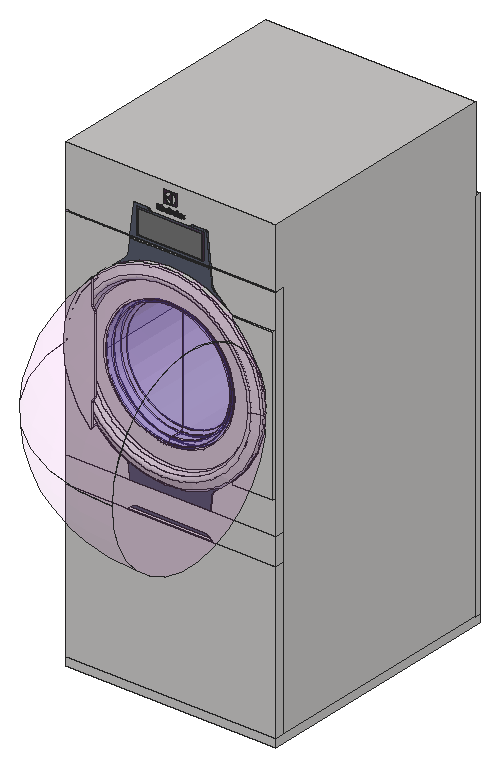
Revit family "TD6-14 IS", category Specialty Equipment, Revit 2014
Parameters
  Show Logo [instance] = yes
  Show Clearance [instance] = yes
  Manufacturer = ""
  Model = ""
  Description = ""
Reference planes
  plane 1 "Center X": y = 53.8
  plane 2: z = 0
  plane 3 "Centro (Sinistra/Destra)": x = -499
  plane 4 "BACK": y = 414.5
  plane 5 "FRONT": y = -688.5
  plane 6 "LEFT": x = -799
  plane 7 "RIGHT": x = -6
  plane 8 "TOP": z = 1771
  plane 9: z = 544
Forms (mm)
  Extrusion 1, solid, material "QF_Finishes_Stainless Steel"
    sketch origin (718.1, -537.1, 598.796) x (0, 0, -1) y (0, 1, 0)
      loop
        line (568.796, 792.6) -> (-941.204, 792.6) -> (-941.204, -115.453) -> (568.796, -115.453) -> (568.796, 792.6)
    from -1517.1 to -724.1
  Extrusion 2, solid, material "QF_Finishes_Stainless Steel"
    sketch origin (718.1, -507.1, 598.796) x (0, 0, -1) y (0, 1, 0)
      loop
        line (568.796, 762.6) -> (568.796, 782.6) -> (-855.66, 782.6) -> (-855.66, 762.6) -> (568.796, 762.6)
    from -1517.1 to -724.1
  Sweep 3, solid, material "QF_Finishes_Black"
    path origin (686.327, -688.5, 1684.42) x (0, 0, -1) y (1, 0, 0)
      loop
        line (131.445, -962.809) -> (32.707, -962.809) -> (32.707, -1214.809) -> (131.445, -1214.809) -> (131.445, -962.809)
    profile origin (-276.482, -688.5, 1602.344) x (-1, 0, 0) y (0, -1, 0)
      loop
        line (5, 0) -> (5, 5)
        arc (5, 5) -> (1.464, 3.536) -> (0, 0) r 5
        line (0, 0) -> (5, 0)
  Extrusion 4, solid, material "QF_Finishes_Dark Grey"
    sketch origin (686.327, -688.5, 1684.42) x (0, 0, -1) y (1, 0, 0)
      loop
        line (126.445, -1209.809) -> (126.445, -967.809) -> (37.707, -967.809) -> (37.707, -1209.809) -> (126.445, -1209.809)
    from 0 to 4
  Extrusion 5, void
    sketch origin (889, -656.06, 1195.994) x (0, 0, -1) y (1, 0, 0)
      loop
        circle (69.994, -1291.5) r 245
    from -451.9 to 33.109
  Extrusion 6, solid, material "QF_Finishes_Stainless Steel"
    sketch origin (781.278, 255.5, 481.915) x (0, 0, 1) y (1, 0, 0)
      loop
        circle (1014.767, -897.278) r 15.184
    from 0 to 5.231
  Extrusion 7, solid, material "QF_Finishes_Stainless Steel"
    sketch origin (566.247, 275.5, 288.974) x (0, 0, 1) y (1, 0, 0)
      loop
        circle (-49.018, -1190.455) r 100
    from 0 to 5
  Extrusion 8, solid, material "QF_Finishes_Stainless Steel"
    sketch origin (-499, -139, 0) x (0, 1, 0) y (0, 0, 1)
      loop
        line (394.5, 1540) -> (394.5, 1771) -> (-549.5, 1771) -> (-549.5, 1541.816)
        arc (-549.5, 1541.816) -> (-548.968, 1540.532) -> (-547.684, 1540) r 1.816
        line (-547.684, 1540) -> (394.5, 1540)
    from -300 to 493
  Extrusion 9, solid, material "QF_Finishes_Stainless Steel"
    sketch origin (0, -139, 1114.3) x (-1, 0, 0) y (0, -1, 0)
      loop
        line (799, -414.5) -> (799, 549.5) -> (6, 549.5) -> (6, -414.5) -> (799, -414.5)
    from -1114.3 to -1084.3
  Extrusion 10, solid, material "QF_Finishes_Stainless Steel"
    sketch origin (-499, -257.96, 0) x (0, 1, 0) y (0, 0, 1)
      loop
        line (-394.593, 1540) -> (-430.54, 1540) -> (-430.54, 713.5) -> (-394.593, 713.5) -> (-394.593, 1540)
    from -300 to 493
  Extrusion 11, solid, material "QF_Finishes_Stainless Steel"
    sketch origin (-499, -257.96, 0) x (0, 1, 0) y (0, 0, 1)
      loop
        line (-430.54, 713.5) -> (-430.54, 613.5) -> (-394.593, 613.5) -> (-394.593, 713.5) -> (-430.54, 713.5)
    from -300 to 493
  Extrusion 12, solid, material "QF_Finishes_Stainless Steel"
    sketch origin (-499, -257.96, 0) x (0, 1, 0) y (0, 0, 1)
      loop
        line (-394.593, 613.5) -> (-430.54, 613.5) -> (-430.54, 30) -> (-394.593, 30) -> (-394.593, 613.5)
    from -300 to 493
  Sweep 13, solid, material "QF_Finishes_Stainless Steel"
    path origin (-409, -688.5, 1444.576) x (0, 0, -1) y (1, 0, 0)
      loop
        circle (318.576, 6.5) r 366.295
    profile origin (-402.5, -688.5, 1492.295) x (0, 0, -1) y (0, -1, 0)
      loop
        line (0, 0) -> (60.401, 0)
        arc (60.401, 0) -> (59.825, 6.814) -> (57.535, 13.257) r 26.651
        line (57.535, 13.257) -> (49.537, 28.994)
        arc (49.537, 28.994) -> (42.511, 35.32) -> (33.058, 35.302) r 13.156
        line (33.058, 35.302) -> (4.309, 24.168)
        arc (4.309, 24.168) -> (1.18, 21.691) -> (0, 17.88) r 6.744
        line (0, 17.88) -> (0, 0)
  Extrusion 14, solid, material "QF_Finishes_Stainless Steel"
    sketch origin (889, -828.525, 1195.994) x (0, 0, -1) y (1, 0, 0)
      loop
        line (353.669, -897.598) -> (-212.997, -897.549) -> (-213.01, -1046.361)
        arc (-213.01, -1046.361) -> (-212.131, -1048.481) -> (-210.011, -1049.36) r 2.999
        line (-210.011, -1049.36) -> (-204.852, -1049.36)
        arc (-204.852, -1049.36) -> (-80.8, -957.683) -> (69.994, -925.205) r 366.295
        arc (69.994, -925.205) -> (220.927, -957.746) -> (345.042, -1049.589) r 366.295
        line (345.042, -1049.589) -> (350.683, -1049.589)
        arc (350.683, -1049.589) -> (352.804, -1048.711) -> (353.682, -1046.59) r 2.999
        line (353.682, -1046.59) -> (353.669, -897.598)
    from -140.025 to -130.025
  Revolve 15, solid, material "QF_Door-Drawer Clearances", visible <- "Show Clearance"
    sketch origin (889, -688.5, 1195.994) x (0, 0, -1) y (1, 0, 0)
      loop
        circle (69.994, -1291.5) r 366.295
      axis (69.994, -924.023) -> (68.994, -924.023)
    angle from 0 to -90
  Revolve 16, solid, material "QF_Finishes_Glass"
    sketch origin (-409, -428.313, 555.02) x (0, 1, 0) y (0, 0, 1)
      loop
        arc (-190.673, 783.338) -> (-195.066, 793.945) -> (-205.673, 798.338) r 15
        line (-205.673, 798.338) -> (-244.95, 798.338)
        arc (-244.95, 798.338) -> (-252.021, 801.267) -> (-254.95, 808.338) r 10
        line (-254.95, 808.338) -> (-254.95, 816.338) -> (-259.95, 816.338) -> (-259.95, 808.338)
        arc (-259.95, 808.338) -> (-255.556, 797.732) -> (-244.95, 793.338) r 15
        line (-244.95, 793.338) -> (-205.673, 793.338)
        arc (-205.673, 793.338) -> (-198.602, 790.409) -> (-195.673, 783.338) r 10
        line (-195.673, 783.338) -> (-195.673, 570.975) -> (-190.673, 570.975) -> (-190.673, 783.338)
      axis (-259.95, 570.975) -> (-190.673, 570.975)
    angle from 0 to 360
  Extrusion 17, solid, material "QF_Finishes_Stainless Steel"
    sketch origin (-529, -688.5, 1444.576) x (0, 0, -1) y (1, 0, 0)
      loop
        arc (176.622, -119.08) -> (174.216, -119.45) -> (172.033, -120.527) r 8
        line (172.033, -120.527) -> (158.099, -130.284)
        arc (158.099, -130.284) -> (155.934, -131.338) -> (153.554, -131.7) r 8
        line (153.554, -131.7) -> (65.736, -131.7)
        arc (65.736, -131.7) -> (63.285, -133.352) -> (63.896, -136.244) r 2.645
        arc (63.896, -136.244) -> (318.617, -239.419) -> (573.315, -136.187) r 365.919
        arc (573.315, -136.187) -> (573.918, -133.331) -> (571.497, -131.7) r 2.612
        line (571.497, -131.7) -> (483.599, -131.7)
        arc (483.599, -131.7) -> (481.193, -131.33) -> (479.01, -130.253) r 8
        line (479.01, -130.253) -> (465.119, -120.527)
        arc (465.119, -120.527) -> (462.936, -119.45) -> (460.53, -119.08) r 8
        line (460.53, -119.08) -> (176.622, -119.08)
    from 44.672 to 48.96
  Extrusion 18, solid, material "QF_Finishes_Stainless Steel"
    sketch origin (-529, -737.46, 1444.576) x (0, 0, -1) y (1, 0, 0)
      loop
        arc (63.896, -136.244) -> (318.617, -239.419) -> (573.315, -136.187) r 365.919
        line (573.315, -136.187) -> (563.547, -131.7)
        arc (563.547, -131.7) -> (318.584, -229.419) -> (73.616, -131.711) r 355.919
        line (73.616, -131.711) -> (63.896, -136.244)
    from -4.287 to -26.937
  Extrusion 19, void
    sketch origin (-401.334, -688.5, 611.842) x (0, 0, 1) y (1, 0, 0)
      loop
        arc (1.908, -169.725) -> (2.027, -168.962) -> (2.374, -168.272) r 2.499
        line (2.374, -168.272) -> (21.699, -140.672)
        arc (21.699, -140.672) -> (23.335, -137.382) -> (23.898, -133.751) r 11.994
        line (23.898, -133.751) -> (23.897, 130.467)
        arc (23.897, 130.467) -> (23.336, 134.095) -> (21.703, 137.383) r 11.994
        line (21.703, 137.383) -> (2.374, 164.988)
        arc (2.374, 164.988) -> (2.027, 165.678) -> (1.908, 166.441) r 2.499
        line (1.908, 166.441) -> (1.908, -169.725)
    from 0 to 13.427
  Extrusion 20, solid, material "QF_Finishes_Blue"
    sketch origin (-499, -688.5, 893.425) x (0, 0, 1) y (-1, 0, 0)
      loop
        arc (767.274, 37.584) -> (765.819, 41.099) -> (762.304, 42.555) r 4.971
        line (762.304, 42.555) -> (650.575, 54.795) -> (650.575, -247.832) -> (761.659, -235.663)
        arc (761.659, -235.663) -> (765.63, -234.018) -> (767.274, -230.047) r 5.615
        line (767.274, -230.047) -> (767.274, -186.505)
        arc (767.274, -186.505) -> (766.484, -180.953) -> (764.209, -175.828) r 20.351
        line (764.209, -175.828) -> (758.288, -166.304) -> (758.288, -222.518) -> (659.55, -222.518) -> (659.55, 29.482) -> (758.288, 29.482) -> (758.288, -26.732) -> (764.209, -17.208)
        arc (764.209, -17.208) -> (766.483, -12.086) -> (767.274, -6.538) r 20.35
        line (767.274, -6.538) -> (767.274, 37.584)
    from 0 to 1.6
  Extrusion 21, solid, material "QF_Finishes_Blue"
    sketch origin (-499, -688.5, 893.425) x (0, 0, 1) y (-1, 0, 0)
      loop
        arc (594.486, 60.933) -> (579.244, 65.533) -> (566.695, 75.331) r 43.3
        line (566.695, 75.331) -> (532.276, 114.098)
        arc (532.276, 114.098) -> (598.87, -96.026) -> (532.82, -306.322) r 366.295
        line (532.82, -306.322) -> (566.695, -268.167)
        arc (566.695, -268.167) -> (579.244, -258.37) -> (594.486, -253.77) r 43.3
        line (594.486, -253.77) -> (642.075, -248.6) -> (642.075, 55.764) -> (594.486, 60.933)
    from 0 to 1.6
  Extrusion 22, solid, material "QF_Finishes_Blue"
    sketch origin (-499, -688.5, 893.425) x (0, 0, 1) y (-1, 0, 0)
      loop
        line (-129.403, 60.926) -> (-176.925, 55.764) -> (-176.925, -248.6) -> (-129.403, -253.763)
        arc (-129.403, -253.763) -> (-114.123, -258.355) -> (-101.544, -268.169) r 43.3
        line (-101.544, -268.169) -> (-67.671, -306.321)
        arc (-67.671, -306.321) -> (-133.72, -96.026) -> (-67.127, 114.098) r 366.295
        line (-67.127, 114.098) -> (-101.544, 75.332)
        arc (-101.544, 75.332) -> (-114.123, 65.518) -> (-129.403, 60.926) r 43.3
    from 0 to 1.6
  Extrusion 23, solid, material "QF_Finishes_Stainless Steel"
    sketch origin (718.1, 275.5, 30) x (0, 0, 1) y (1, 0, 0)
      loop
        line (661.465, -1322.6) -> (1361.465, -1322.6) -> (1361.465, -918.6) -> (661.465, -918.6) -> (661.465, -1322.6)
    from 0 to 139
  Extrusion 24, solid, material "QF_Finishes_Stainless Steel"
    sketch origin (718.1, 414.5, 30) x (0, 0, 1) y (1, 0, 0)
      loop
        circle (1313.965, -1120.6) r 16.6
    from 0 to 5.2
  Extrusion 25, solid, material "QF_Finishes_Stainless Steel"
    sketch origin (718.1, 414.5, -575.6) x (0, 0, 1) y (1, 0, 0)
      loop
        circle (1313.965, -1120.6) r 16.6
    from 0 to 5.2
Cuts and joins
  Extrusion 5 cuts Extrusion 1
  Extrusion 5 cuts Extrusion 8
  joined: Extrusion 1, Extrusion 8
  Extrusion 5 cuts Extrusion 10
  Extrusion 19 cuts Extrusion 11
Lines and regions (mm)
  Split face 1
    outline origin (-6, -688.5, 1540) x (-1, 0, 0) y (0, 0, -1)
      loop
        circle (396.5, 414) r 305.895
  symbolic lines
    curve 1: line (-6, 275.5, 1771) -> (-799, 275.5, 1771)
    curve 2: line (-799, -688.5, 1771) -> (-6, -688.5, 1771)
    curve 3: line (-6, 275.5, 0) -> (-6, -688.5, 0)
    curve 4: line (-799, 275.5, 0) -> (-799, -688.5, 0)
    curve 7: line (-604.5, 275.5, 0) -> (-604.5, 414.5, 0)
    curve 8: line (-604.5, 414.5, 0) -> (-200.5, 414.5, 0)
    curve 9: line (-200.5, 414.5, 0) -> (-200.5, 275.5, 0)
  symbolic lines, style "QF_Door-Drawer Clearances"
    curve 5: line (-35.023, -1422.272, 0) -> (-35.023, -689.681, 0)
    curve 6: arc (-35.023, -1422.272, 0) -> (-553.879, -1207.355, 0) -> (-768.795, -688.5, 0) r 733.772
Dimensions and locks
  plane 6 "LEFT" to plane 3 "Centro (Sinistra/Destra)" to plane 7 "RIGHT" = 300 mm, 493 mm
  plane 6 "LEFT" to plane 7 "RIGHT" = 793 mm
  plane 4 "BACK" to plane 5 "FRONT" = 1103 mm  (x2)
  plane 4 "BACK" to plane 1 "Center X" to plane 5 "FRONT" = 360.7 mm, 742.3 mm
  plane 8 "TOP" to level = 1771 mm
  Extrusion 2 to Extrusion 2 = 1424.455 mm
  Extrusion 2 to Extrusion 7 sketch curve = 174.791 mm
  Extrusion 9 to Extrusion 7 sketch curve = 239.955 mm
  aligned and locked: level to plane 2
  aligned and locked: Extrusion 1 to plane 6 "LEFT"
  aligned and locked: plane 7 "RIGHT" to Extrusion 1
  aligned and locked: Extrusion 2 to plane 6 "LEFT"
  aligned and locked: plane 7 "RIGHT" to Extrusion 2
  aligned and locked: plane 7 "RIGHT" to Extrusion 8
  aligned and locked: Extrusion 8 to plane 6 "LEFT"
  aligned and locked: plane 7 "RIGHT" to Extrusion 12
  aligned and locked: Extrusion 12 to plane 6 "LEFT"
  aligned and locked: Extrusion 11 to plane 6 "LEFT"
  aligned and locked: plane 7 "RIGHT" to Extrusion 11
  aligned and locked: Extrusion 10 to plane 6 "LEFT"
  aligned and locked: plane 7 "RIGHT" to Extrusion 10
  aligned and locked: Extrusion 18 to Extrusion 17
Nested families
  nested 1: "ELX_Logo_S_New" at (-415.511, -688.5, 1674.59) x (1, 0, 0) z (0, -1, 0), type "ELX_Logo_S_New"
    with Material QF_Finishes_Black
  nested 2: "ELX_Logo_Symbol_S" at (-394.886, -688.5, 1729.274) x (-1, 0, 0) z (0, -1, 0), type "ELX_Logo_Symbol_S"
    with Material QF_Finishes_Black
Connectors
  piping at (-624.209, 280.5, 239.955), diameter 200
    settings: on Extrusion 7, index 3, connector inside diameter 609.6 mm, connector length 0 mm, flow factor 0, pipe flow 0.0 L/s, pressure drop 0.0 Pa, fitting loss kfactor 0, connector angle 0.00°, fixture units 0, engagement length 0 mm, angle of deflection 0.00°, flow configuration 1, flow direction 2, fitting loss method 0, system type 8, joint type 0, gender type 0, connector reference index -1, connector utility 0, adjustable connector no, is connector primary yes, connector description "Exhaust Connection"
  electrical at (-116, 260.731, 1496.682)
    settings: on Extrusion 6, index 4, voltage 0 V, apparent load 0 VA, apparent load phase1 0 VA, apparent load phase2 0 VA, apparent load phase3 0 VA, power factor 1, load classification "Other", number of poles 1, system type 30, power factor state 1, is connector primary yes, connector utility no, sub classification motor no, connector description "Electrical Connection"
  piping at (-402.5, 419.7, 1343.965), diameter 33.2
    settings: on Extrusion 24, index 5, connector inside diameter 609.6 mm, connector length 0 mm, flow factor 0, pipe flow 0.0 L/s, pressure drop 0.0 Pa, fitting loss kfactor 0, connector angle 0.00°, fixture units 0, engagement length 0 mm, angle of deflection 0.00°, flow configuration 1, flow direction 1, fitting loss method 0, system type 7, joint type 0, gender type 0, connector reference index -1, connector utility 0, adjustable connector no, is connector primary no, connector description "Steam Connection"
  piping at (-402.5, 419.7, 738.365), diameter 33.2
    settings: on Extrusion 25, index 6, connector inside diameter 609.6 mm, connector length 0 mm, flow factor 0, pipe flow 0.0 L/s, pressure drop 0.0 Pa, fitting loss kfactor 0, connector angle 0.00°, fixture units 0, engagement length 0 mm, angle of deflection 0.00°, flow configuration 1, flow direction 1, fitting loss method 0, system type 7, joint type 0, gender type 0, connector reference index -1, connector utility 0, adjustable connector no, is connector primary no, connector description "Condesate Connection"
Definition of nested family "ELX_Logo_S_New"
  Parameters (values of type "ELX_Logo_S_New")
    Material [instance] = QF_Finishes_Gray
    Default Elevation = 0 mm
  Reference planes
    plane 1 "Centro (Fronte/Retro)": y = 0
    plane 2: z = 0
    plane 3 "Centro (Sinistra/Destra)": x = 0
  Forms (mm)
    Extrusion 1, solid
      sketch origin (0, 0, 0) x (1, 0, 0) y (0, 1, 0)
        loop
          line (-1219.2, 1219.2) -> (-1219.2, -1219.2) -> (1219.2, -1219.2) -> (1219.2, 1219.2) -> (-1219.2, 1219.2)
      from 0 to -304.8
    Extrusion 2, solid, material "QF_Finishes_Gray" <- "Material"
      sketch origin (0, 0, 0) x (1, 0, 0) y (0, 1, 0)
        loop
          spline (-31.006, -2.781) -> (-31.24, -2.771) -> (-31.49, -2.739) -> (-31.748, -2.68) -> (-32.009, -2.591) -> (-32.264, -2.469) -> (-32.508, -2.308) -> (-32.732, -2.105) -> (-32.932, -1.857) -> (-33.099, -1.559) -> (-33.226, -1.207) -> (-33.308, -0.798) -> (-33.337, -0.327)
          line (-33.337, -0.327) -> (-33.337, 1.761) -> (-26.444, 1.761) -> (-26.444, 4.423) -> (-33.338, 4.423) -> (-33.338, 8.299) -> (-26.005, 8.299) -> (-26.005, 10.954) -> (-36.159, 10.954) -> (-36.159, -0.206)
          spline (-36.159, -0.206) -> (-36.134, -0.893) -> (-36.057, -1.54) -> (-35.927, -2.145) -> (-35.743, -2.707) -> (-35.503, -3.222) -> (-35.206, -3.689) -> (-34.85, -4.106) -> (-34.433, -4.47) -> (-33.955, -4.779) -> (-33.414, -5.031) -> (-32.809, -5.223) -> (-32.137, -5.354)
          line (-32.137, -5.354) -> (-31.029, -5.433) -> (-25.809, -5.433) -> (-25.809, -2.781) -> (-31.006, -2.781)
        loop
          line (-23.804, 3.211) -> (-23.804, -5.437) -> (-20.982, -5.437) -> (-20.982, 10.958) -> (-23.804, 10.958) -> (-23.804, 3.211)
        loop
          spline (-7.052, -0.2) -> (-7.034, 0.688) -> (-7.119, 1.546) -> (-7.304, 2.368) -> (-7.586, 3.144) -> (-7.962, 3.868) -> (-8.426, 4.531) -> (-8.977, 5.126) -> (-9.61, 5.644) -> (-10.321, 6.077) -> (-11.107, 6.419) -> (-11.964, 6.66) -> (-12.889, 6.793)
          spline (-12.889, 6.793) -> (-13.767, 6.742) -> (-14.602, 6.592) -> (-15.387, 6.346) -> (-16.116, 6.008) -> (-16.782, 5.583) -> (-17.379, 5.073) -> (-17.902, 4.483) -> (-18.343, 3.816) -> (-18.697, 3.077) -> (-18.958, 2.269) -> (-19.119, 1.395) -> (-19.174, 0.46)
          spline (-19.174, 0.46) -> (-19.121, -0.452) -> (-18.964, -1.304) -> (-18.71, -2.094) -> (-18.362, -2.816) -> (-17.926, -3.468) -> (-17.406, -4.045) -> (-16.808, -4.544) -> (-16.137, -4.96) -> (-15.397, -5.291) -> (-14.594, -5.532) -> (-13.733, -5.679) -> (-12.817, -5.729)
          spline (-12.817, -5.729) -> (-12.371, -5.719) -> (-11.93, -5.685) -> (-11.493, -5.626) -> (-11.062, -5.54) -> (-10.636, -5.425) -> (-10.216, -5.277) -> (-9.8, -5.096) -> (-9.391, -4.879) -> (-8.987, -4.623) -> (-8.588, -4.326) -> (-8.196, -3.987) -> (-7.809, -3.603)
          line (-7.809, -3.603) -> (-9.51, -1.949)
          spline (-9.51, -1.949) -> (-9.734, -2.164) -> (-9.959, -2.362) -> (-10.188, -2.542) -> (-10.422, -2.703) -> (-10.662, -2.846) -> (-10.913, -2.971) -> (-11.174, -3.077) -> (-11.449, -3.163) -> (-11.739, -3.231) -> (-12.047, -3.28) -> (-12.374, -3.309) -> (-12.723, -3.319)
          spline (-12.723, -3.319) -> (-13.234, -3.294) -> (-13.713, -3.219) -> (-14.158, -3.098) -> (-14.568, -2.931) -> (-14.94, -2.72) -> (-15.272, -2.469) -> (-15.562, -2.177) -> (-15.809, -1.849) -> (-16.009, -1.485) -> (-16.162, -1.088) -> (-16.264, -0.659) -> (-16.314, -0.2)
          line (-16.314, -0.2) -> (-7.052, -0.2)
        loop
          spline (-9.888, 1.784) -> (-9.915, 2.133) -> (-9.995, 2.469) -> (-10.124, 2.788) -> (-10.298, 3.088) -> (-10.514, 3.365) -> (-10.768, 3.615) -> (-11.056, 3.836) -> (-11.376, 4.024) -> (-11.722, 4.176) -> (-12.092, 4.289) -> (-12.482, 4.359) -> (-12.889, 4.383)
          spline (-12.889, 4.383) -> (-13.325, 4.36) -> (-13.744, 4.291) -> (-14.144, 4.18) -> (-14.52, 4.03) -> (-14.868, 3.844) -> (-15.186, 3.624) -> (-15.469, 3.375) -> (-15.715, 3.099) -> (-15.919, 2.798) -> (-16.077, 2.477) -> (-16.186, 2.138) -> (-16.243, 1.784)
          line (-16.243, 1.784) -> (-9.888, 1.784)
        loop
          spline (-2.737, 0.532) -> (-2.704, 1.057) -> (-2.61, 1.555) -> (-2.457, 2.022) -> (-2.249, 2.455) -> (-1.991, 2.851) -> (-1.685, 3.205) -> (-1.336, 3.514) -> (-0.948, 3.775) -> (-0.524, 3.984) -> (-0.067, 4.138) -> (0.417, 4.233) -> (0.926, 4.265)
          spline (0.926, 4.265) -> (1.238, 4.255) -> (1.537, 4.226) -> (1.824, 4.178) -> (2.098, 4.112) -> (2.362, 4.027) -> (2.615, 3.925) -> (2.858, 3.806) -> (3.093, 3.67) -> (3.318, 3.518) -> (3.536, 3.349) -> (3.746, 3.165) -> (3.95, 2.966)
          line (3.95, 2.966) -> (5.699, 4.785)
          spline (5.699, 4.785) -> (5.351, 5.133) -> (4.992, 5.446) -> (4.624, 5.724) -> (4.246, 5.969) -> (3.859, 6.181) -> (3.463, 6.362) -> (3.059, 6.512) -> (2.646, 6.633) -> (2.226, 6.725) -> (1.8, 6.79) -> (1.366, 6.828) -> (0.926, 6.841)
          spline (0.926, 6.841) -> (0.044, 6.786) -> (-0.801, 6.626) -> (-1.601, 6.367) -> (-2.349, 6.014) -> (-3.037, 5.573) -> (-3.658, 5.051) -> (-4.204, 4.453) -> (-4.668, 3.785) -> (-5.041, 3.053) -> (-5.318, 2.263) -> (-5.489, 1.421) -> (-5.548, 0.532)
          spline (-5.548, 0.532) -> (-5.489, -0.357) -> (-5.318, -1.199) -> (-5.041, -1.989) -> (-4.668, -2.721) -> (-4.204, -3.389) -> (-3.658, -3.987) -> (-3.037, -4.509) -> (-2.349, -4.95) -> (-1.601, -5.303) -> (-0.801, -5.562) -> (0.044, -5.722) -> (0.926, -5.777)
          spline (0.926, -5.777) -> (1.366, -5.764) -> (1.8, -5.726) -> (2.226, -5.662) -> (2.646, -5.569) -> (3.059, -5.449) -> (3.463, -5.298) -> (3.859, -5.117) -> (4.246, -4.905) -> (4.624, -4.66) -> (4.992, -4.382) -> (5.351, -4.069) -> (5.699, -3.721)
          line (5.699, -3.721) -> (3.95, -1.902)
          spline (3.95, -1.902) -> (3.746, -2.101) -> (3.536, -2.285) -> (3.318, -2.453) -> (3.093, -2.606) -> (2.858, -2.742) -> (2.615, -2.861) -> (2.362, -2.964) -> (2.098, -3.048) -> (1.824, -3.114) -> (1.537, -3.162) -> (1.238, -3.191) -> (0.926, -3.201)
          spline (0.926, -3.201) -> (0.417, -3.169) -> (-0.067, -3.074) -> (-0.524, -2.92) -> (-0.948, -2.711) -> (-1.336, -2.45) -> (-1.685, -2.141) -> (-1.991, -1.787) -> (-2.249, -1.391) -> (-2.457, -0.958) -> (-2.61, -0.491) -> (-2.704, 0.007) -> (-2.737, 0.532)
        loop
          spline (12.895, -2.785) -> (12.646, -2.789) -> (12.379, -2.77) -> (12.102, -2.724) -> (11.82, -2.646) -> (11.542, -2.531) -> (11.274, -2.376) -> (11.024, -2.175) -> (10.797, -1.924) -> (10.602, -1.618) -> (10.445, -1.253) -> (10.334, -0.824) -> (10.275, -0.327)
          line (10.275, -0.327) -> (10.275, 3.855) -> (12.842, 3.855) -> (12.842, 6.419) -> (10.278, 6.419) -> (10.278, 10.958) -> (7.456, 10.958) -> (7.456, -0.488)
          spline (7.456, -0.488) -> (7.516, -1.152) -> (7.626, -1.776) -> (7.785, -2.359) -> (7.996, -2.899) -> (8.26, -3.392) -> (8.577, -3.837) -> (8.951, -4.232) -> (9.38, -4.575) -> (9.868, -4.864) -> (10.415, -5.096) -> (11.023, -5.27) -> (11.693, -5.383)
          line (11.693, -5.383) -> (12.885, -5.437) -> (12.895, -2.785)
        loop
          spline (22.391, 6.583) -> (21.903, 6.613) -> (21.433, 6.605) -> (20.982, 6.558) -> (20.553, 6.476) -> (20.145, 6.358) -> (19.76, 6.207) -> (19.401, 6.022) -> (19.067, 5.807) -> (18.76, 5.561) -> (18.482, 5.286) -> (18.234, 4.984) -> (18.016, 4.655)
          line (18.016, 4.655) -> (18.016, 6.418) -> (15.217, 6.418) -> (15.217, -5.437) -> (18.016, -5.437) -> (18.016, 0.797)
          spline (18.016, 0.797) -> (18.042, 1.269) -> (18.118, 1.71) -> (18.242, 2.117) -> (18.412, 2.488) -> (18.627, 2.822) -> (18.884, 3.117) -> (19.182, 3.371) -> (19.518, 3.583) -> (19.892, 3.751) -> (20.3, 3.873) -> (20.742, 3.947) -> (21.215, 3.972)
          line (21.215, 3.972) -> (22.391, 3.855) -> (22.391, 6.583)
        loop
          spline (35.761, 0.49) -> (35.702, 1.36) -> (35.53, 2.189) -> (35.253, 2.971) -> (34.878, 3.698) -> (34.414, 4.364) -> (33.867, 4.963) -> (33.246, 5.488) -> (32.558, 5.932) -> (31.811, 6.289) -> (31.013, 6.552) -> (30.171, 6.715) -> (29.293, 6.771)
          spline (29.293, 6.771) -> (28.409, 6.715) -> (27.564, 6.552) -> (26.763, 6.289) -> (26.016, 5.932) -> (25.328, 5.488) -> (24.708, 4.963) -> (24.163, 4.364) -> (23.701, 3.698) -> (23.328, 2.971) -> (23.053, 2.189) -> (22.882, 1.36) -> (22.823, 0.49)
          spline (22.823, 0.49) -> (22.882, -0.379) -> (23.053, -1.208) -> (23.328, -1.989) -> (23.701, -2.716) -> (24.163, -3.382) -> (24.708, -3.981) -> (25.328, -4.506) -> (26.016, -4.951) -> (26.763, -5.308) -> (27.564, -5.571) -> (28.409, -5.734) -> (29.293, -5.79)
          spline (29.293, -5.79) -> (30.171, -5.734) -> (31.013, -5.571) -> (31.811, -5.308) -> (32.558, -4.951) -> (33.246, -4.506) -> (33.867, -3.981) -> (34.414, -3.382) -> (34.878, -2.716) -> (35.253, -1.989) -> (35.53, -1.208) -> (35.702, -0.379) -> (35.761, 0.49)
        loop
          spline (32.961, 0.49) -> (32.929, 1.004) -> (32.833, 1.493) -> (32.679, 1.955) -> (32.47, 2.385) -> (32.21, 2.779) -> (31.903, 3.134) -> (31.553, 3.445) -> (31.164, 3.709) -> (30.739, 3.921) -> (30.283, 4.077) -> (29.8, 4.174) -> (29.293, 4.207)
          spline (29.293, 4.207) -> (28.781, 4.174) -> (28.294, 4.077) -> (27.836, 3.921) -> (27.411, 3.709) -> (27.022, 3.445) -> (26.673, 3.134) -> (26.368, 2.779) -> (26.11, 2.385) -> (25.903, 1.955) -> (25.75, 1.493) -> (25.656, 1.004) -> (25.624, 0.49)
          spline (25.624, 0.49) -> (25.656, -0.022) -> (25.75, -0.512) -> (25.903, -0.973) -> (26.11, -1.403) -> (26.368, -1.798) -> (26.673, -2.153) -> (27.022, -2.464) -> (27.411, -2.728) -> (27.836, -2.94) -> (28.294, -3.096) -> (28.781, -3.193) -> (29.293, -3.226)
          spline (29.293, -3.226) -> (29.8, -3.193) -> (30.283, -3.096) -> (30.739, -2.94) -> (31.164, -2.728) -> (31.553, -2.464) -> (31.903, -2.153) -> (32.21, -1.798) -> (32.47, -1.403) -> (32.679, -0.973) -> (32.833, -0.512) -> (32.929, -0.022) -> (32.961, 0.49)
        loop
          line (37.497, 3.493) -> (37.497, -5.437) -> (40.321, -5.437) -> (40.321, 10.958) -> (37.497, 10.958) -> (37.497, 3.493)
        loop
          line (50.501, 6.418) -> (50.501, -0.473)
          spline (50.501, -0.473) -> (50.478, -0.921) -> (50.412, -1.325) -> (50.305, -1.686) -> (50.159, -2.005) -> (49.978, -2.282) -> (49.763, -2.52) -> (49.517, -2.718) -> (49.243, -2.878) -> (48.943, -3.001) -> (48.619, -3.087) -> (48.275, -3.139) -> (47.913, -3.155)
          spline (47.913, -3.155) -> (47.55, -3.139) -> (47.206, -3.088) -> (46.883, -3.001) -> (46.583, -2.879) -> (46.309, -2.72) -> (46.063, -2.523) -> (45.849, -2.287) -> (45.667, -2.012) -> (45.522, -1.696) -> (45.414, -1.339) -> (45.348, -0.94) -> (45.326, -0.498)
          line (45.326, -0.498) -> (45.326, 6.418) -> (42.479, 6.418) -> (42.479, -0.733)
          spline (42.479, -0.733) -> (42.53, -1.543) -> (42.676, -2.28) -> (42.911, -2.945) -> (43.228, -3.537) -> (43.621, -4.058) -> (44.082, -4.508) -> (44.604, -4.888) -> (45.18, -5.197) -> (45.804, -5.437) -> (46.468, -5.607) -> (47.165, -5.709) -> (47.89, -5.743)
          spline (47.89, -5.743) -> (48.62, -5.709) -> (49.323, -5.605) -> (49.993, -5.432) -> (50.621, -5.189) -> (51.203, -4.875) -> (51.729, -4.491) -> (52.194, -4.034) -> (52.59, -3.506) -> (52.91, -2.905) -> (53.147, -2.231) -> (53.295, -1.484) -> (53.346, -0.662)
          line (53.346, -0.662) -> (53.346, 6.418) -> (50.501, 6.418)
        loop
          line (64.026, -1.646) -> (62.246, 0.843) -> (64.45, 3.846) -> (66.338, 6.418) -> (63.257, 6.418) -> (60.692, 2.866) -> (58.105, 6.418) -> (55.047, 6.418) -> (56.801, 4.02) -> (59.14, 0.82) -> (56.689, -2.595) -> (54.647, -5.437) -> (57.682, -5.437) -> (60.692, -1.25) -> (63.703, -5.437) -> (66.738, -5.437) -> (64.026, -1.646)
      from 0 to 1.644
  Dimensions and locks
    aligned and locked: plane 2 to Extrusion 1
    aligned and locked: level to Extrusion 1
Definition of nested family "ELX_Logo_Symbol_S"
  Parameters (values of type "ELX_Logo_Symbol_S")
    Material [instance] = QF_Finishes_Gray
    Default Elevation = 0 mm
  Reference planes
    plane 1 "Centro (Fronte/Retro)": y = 0
    plane 2: z = 0
    plane 3 "Centro (Sinistra/Destra)": x = 0
  Forms (mm)
    Extrusion 1, solid
      sketch origin (0, 0, 0) x (1, 0, 0) y (0, 1, 0)
        loop
          line (-1219.2, 1219.2) -> (-1219.2, -1219.2) -> (1219.2, -1219.2) -> (1219.2, 1219.2) -> (-1219.2, 1219.2)
      from 0 to -304.8
    Extrusion 2, solid, material "QF_Finishes_Gray" <- "Material"
      sketch origin (94.462, 558.781, 0) x (1, 0, 0) y (0, 1, 0)
        loop
          line (-92.971, -571.574) -> (-92.971, -531.14)
          arc (-92.971, -531.14) -> (-107.917, -551.357) -> (-92.971, -571.574) r 21.146
        loop
          arc (-90.914, -571.574) -> (-74.098, -567.752) -> (-65.997, -552.529) r 20.723
          line (-65.997, -552.529) -> (-72.686, -552.529)
          arc (-72.686, -552.529) -> (-84.636, -557.38) -> (-90.914, -568.646) r 19.424
          line (-90.914, -568.646) -> (-90.914, -571.574)
        loop
          arc (-90.914, -534.068) -> (-84.636, -545.334) -> (-72.686, -550.185) r 19.424
          line (-72.686, -550.185) -> (-65.997, -550.185)
          arc (-65.997, -550.185) -> (-74.085, -534.837) -> (-90.914, -530.621) r 21.265
          line (-90.914, -530.621) -> (-90.914, -534.068)
        loop
          line (-64.462, -573.781) -> (-64.462, -528.842) -> (-109.462, -528.842) -> (-109.462, -573.781) -> (-64.462, -573.781)
      from 0 to 1.644
  Dimensions and locks
    aligned and locked: plane 2 to Extrusion 1
    aligned and locked: level to Extrusion 1
